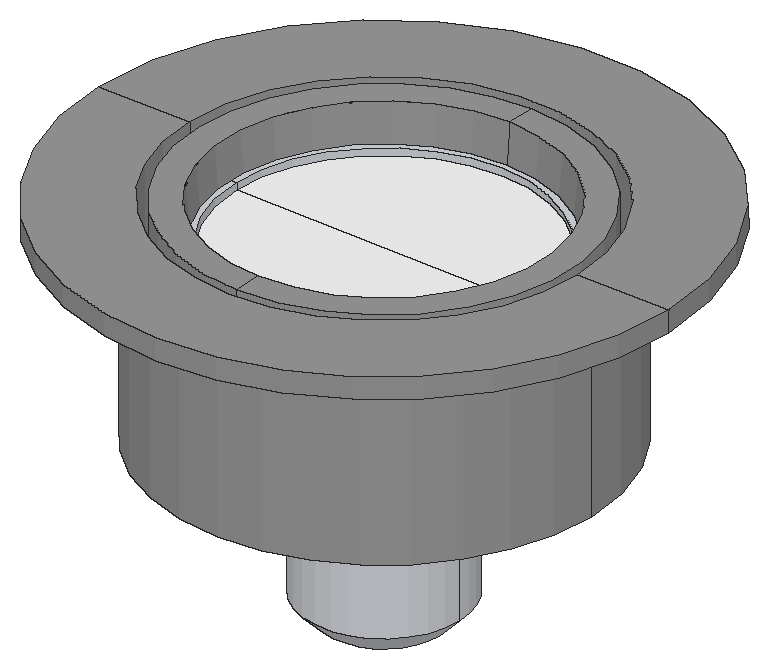
Revit family "0005725", category Lighting Fixtures, host Face, Revit 2017
Family settings
  Host = Face
  Round Connector Dimension = Use Diameter
  Part Type = Normal
  OmniClass Number = 23.80.70.00
  OmniClass Title = Lighting
  Cut with Voids When Loaded = No
  Light Source = No
  Shared = No
  Room Calculation Point = No
Parameters (values of type "0005725 Sylspot Kit R 345LM 830 ADJ IP20 WH")
  Weight = "4.32 kg"
  Wattage Comments = ""
  WarrantyStartDate [instance] = "n/a"
  WarrantyGuarantorParts = "n/a"
  WarrantyDurationUnit = "n/a"
  WarrantyDurationParts = "n/a"
  WarrantyDescription = "n/a"
  Voltage = 230 V
  URL = "http://www.sylvania-lighting.com"
  TypeName = "Sylspot Kit R 345lm 830 Adj IP20 WHT"
  TypeLamp_SYL = SylSpot GU10 : 0005725 Sylspot Kit R 345LM 830 ADJ IP20 WH
  Type Image = <None>
  Type Comments = "n/a"
  TrimHeight_SYL = 3 mm
  TiltAngle_SYL [instance] = 0.00°
  SerialNumber [instance] = "n/a"
  Radius_SYL = 42.5 mm
  RadiusInner2_SYL = 29 mm
  RadiusHousingUpper_SYL = 34.1 mm
  RadiusCutOut_SYL = 35 mm
  Material_3_SYL = none
  PowerFactor = 0
  PowerConsumption = "4.5 W"
  NominalLength = 90 mm
  NominalHeight = 85 mm
  NominalDepth = 90 mm
  Name = "Sylspot Kit R 345lm 830 Adj IP20 WHT"
  ModelReference = Name  # "Sylspot Kit R 345lm 830 Adj IP20 WHT"
  ModelNumber = "0005725"
  Model = Name  # "Sylspot Kit R 345lm 830 Adj IP20 WHT"
  Material = "pc polycarbonate housing"
  ManufacturerName = "Feilo Sylvania"
  Manufacturer = "Feilo Sylvania"
  LuminousEfficacy = "77 lm/W"
  LuminaireType = ""
  LightOutputRatio = "n/a"
  LampsType = Lamp  # "LED"
  LampNominalLuminous = "345 lm"
  LampMacAdamStep = "6"
  LampColourTemperature = "3000 K"
  LampColourRenderingIndex = "80"
  Lamp = "LED"
  Keynote = "16500"
  InstallationDate [instance] = "n/a"
  InputVoltage = "220-240 V AC"
  InputNominalFrequency = "50/60 Hz"
  IngressProtection = "IP20"
  ImpactProtectionIndex = "IK02"
  IfcExportType = "IfcLightFixtureType"
  IfcExportAs = "IfcLightFixtureType"
  HeightHousing_SYL = 31.6 mm
  EndAngle_SYL [instance] = TiltAngle_SYL + 180.00°  # 180.00°
  ElectricShockClassification = "Class II"
  DocumentationLiterature = "http://www.sylvania-lighting.com/product/en-int/products/0005725"
  DimmingControlOptions = "n/a"
  Material_2_SYL = LED
  Description = "Recessed spotlight Kit with RefLED GU10 LED spotlight lamp Ø50mm. Polycarbonate body, round bezel ring in white color finish, vertical tilt 25°, IP20 degree of protection, class II. Lumen output 345lm, CCT 3000K, beam angle 36°, power 4,5W, efficacy 77 lm/W, lifetime 15.000h. Outer dimensions: Ø80x90mm, cut-out Ø68-76mm. Suitable for internal environment only and for LED lamps only."
  Default Elevation = 1219.2 mm
  CreatedOn = "11/14/2019"
  CreatedBy = "@sylvania-lighting.com"
  Cost = 0
  built-in parameter 1114216 [instance] = (empty or 0)
  ClassificationValue = "EF_70_80"
  ClassificationName = "Uniclass2015"
  Material_1_SYL = PC/ABS Plastic
  BarCode [instance] = "n/a"
  AxisFromBottom_SYL = 6.7 mm
  AssetType = "Fixed"
  AssetIdentifier [instance] = "n/a"
  Assembly Code = "D5020200"
  Apparent Load = 4.5 VA
  Material_4_SYL = none
Reference planes
  plane 1 "Center (Front/Back)": y = 0
  plane 2: z = 0
  plane 3 "Center (Left/Right)": x = 0
  plane 4: x = -35
  plane 5: z = -100
  plane 6: x = -42.5
  plane 7: z = 3
  plane 8: z = -28.6
  plane 9: x = -29
  plane 10: z = -0.4
  plane 11: x = -31
  plane 12: z = -3.7
Forms (mm)
  Revolve 1, void
    sketch origin (0, 0, 0) x (1, 0, 0) y (0, 0, 1)
      loop
        line (0, 0) -> (-35, 0) -> (-35, -100) -> (0, -100) -> (0, 0)
      axis (0, 0) -> (0, -100)
    angle from 360 to 0
  Revolve 2, solid, material "PC/ABS Plastic" <- "Material_1_SYL"
    sketch origin (0, 0, 0) x (1, 0, 0) y (0, 0, 1)
      loop
        line (-29, -28.6) -> (-29, 3) -> (-42.5, 3) -> (-42.5, 0) -> (-31, 0) -> (-31, -28.6) -> (-29, -28.6)
      axis (0, 3) -> (0, -28.6)
    angle from 360 to 0
  Revolve 3, solid, not visible
    sketch origin (200, -4572, -3.7) x (0, -1, 0) y (1, 0, 0)
      loop
        line (-4572, -200) -> (-4582, -200) -> (-4582, -205) -> (-4572, -205) -> (-4572, -200)
      axis (-4582, -200) -> (-4572, -200)
    angle from 0 <- "TiltAngle_SYL" to 180 <- "EndAngle_SYL"
Dimensions and locks
  "RadiusCutOut_SYL": plane 3 "Center (Left/Right)" to plane 4
  locked: plane 2 to plane 5 at 100
  "TrimHeight_SYL": plane 7 to plane 2
  "Radius_SYL": plane 3 "Center (Left/Right)" to plane 6
  "HeightHousing_SYL": plane 7 to plane 8
  "RadiusInner2_SYL": plane 3 "Center (Left/Right)" to plane 9
  "AxisFromBottom_SYL": plane 7 to plane 12
  locked: plane 9 to plane 11 at 2
  aligned and locked: plane 2 to host face
  aligned and locked: level to host face
  aligned and locked: Revolve 1 sketch curve to plane 3 "Center (Left/Right)"
  aligned and locked: host face to Revolve 1 sketch curve
  aligned and locked: plane 3 "Center (Left/Right)" to Revolve 1 sketch curve
  aligned and locked: Revolve 1 sketch curve to plane 5
  aligned and locked: Revolve 1 sketch curve to plane 4
  aligned and locked: Revolve 2 sketch curve to plane 3 "Center (Left/Right)"
  aligned and locked: plane 9 to Revolve 2 sketch curve
  aligned and locked: plane 7 to Revolve 2 sketch curve
  aligned and locked: Revolve 2 sketch curve to plane 6
  aligned and locked: Revolve 2 sketch curve to level
  aligned and locked: Revolve 3 sketch curve to plane 3 "Center (Left/Right)"
  aligned and locked: Revolve 3 sketch curve to plane 1 "Center (Front/Back)"
  aligned and locked: Revolve 3 sketch curve to Revolve 3 sketch curve
  aligned and locked: Revolve 2 sketch curve to plane 7
  aligned and locked: Revolve 2 sketch curve to plane 8
  aligned and locked: plane 11 to Revolve 2 sketch curve
  aligned and locked: plane 1 "Center (Front/Back)" to nested 1
Automatic sketch dimensions
  host sketch curve to host sketch curve = 100 mm  (x2)
  Revolve 1 sketch curve to plane 5 = 509.6 mm
  Revolve 1 sketch curve to plane 7 = 2606.058 mm
  Revolve 3 sketch curve to Revolve 3 sketch curve = 10 mm
  Revolve 3 sketch curve to Revolve 3 sketch curve = 5 mm
  Revolve 3 sketch curve to Revolve 3 sketch curve = 1514 mm
  plane 1 "Center (Front/Back)" to Revolve 3 sketch curve = 1524 mm
  Revolve 2 sketch curve to plane 5 = 509.6 mm
  Revolve 2 sketch curve to plane 7 = 2606.058 mm
Nested families
  nested 1: "SylSpot Ring" at (0, 0, -3.7) x (0, -1, 0) z (0, 0, 1), type "Type Name"
  nested 2: "SylSpot GU10" at (0, 0, -2.6) x (1, 0, 0) z (0, 0, -1), type <- "TypeLamp_SYL", type "0005725 Sylspot Kit R 345LM 830 ADJ IP20 WH"
    with WarrantyStartDate "n/a", SerialNumber "n/a", InstallationDate "n/a", built-in parameter 1114216 (empty or 0), BarCode "n/a", AssetIdentifier "n/a"
Definition of nested family "SylSpot Ring"
  Parameters (values of type "Type Name")
    URL = "http://www.sylvania-lighting.com"
    Type Image = (empty or 0)
    Type Comments = "n/a"
    Material_3_SYL = none
    Model = ""
    Manufacturer = "Feilo Sylvania"
    Keynote = ""
    Material_2_SYL = none
    Description = ""
    Default Elevation = 1219.2 mm
    Cost = 0
    Material_1_SYL = none
    Assembly Code = ""
    Material_4_SYL = none
  Reference planes
    plane 1 "Center (Front/Back)": y = 0
    plane 2: z = 0
    plane 3 "Center (Left/Right)": x = 0
    plane 4: x = 27.5
    plane 5: x = 23.5
    plane 6: x = 23
    plane 7: z = 6.6
    plane 8: z = -7.9
    plane 9: z = 1.1
    plane 10: x = 24.6
  Forms (mm)
    Extrusion 1, solid
      sketch origin (1119.2, -1119.2, 0) x (1, 0, 0) y (0, 1, 0)
        loop
          line (-1179.2, 1180.988) -> (-1179.2, 1060.988) -> (-1059.2, 1060.988) -> (-1059.2, 1180.988) -> (-1179.2, 1180.988)
      from 0 to -68.017
    Revolve 2, solid, material <- "Material_1_SYL"
      sketch origin (0, 0, 0) x (1, 0, 0) y (0, 0, 1)
        loop
          line (27.5, 6.6) -> (23.409, 6.6) -> (22.909, 1.1) -> (24.6, 1.1) -> (24.6, -7.9) -> (27.5, -7.9) -> (27.5, 6.6)
        axis (0, 6.6) -> (0, -7.9)
      angle from 360 to 0
  Dimensions and locks
    plane 4 to plane 5 to plane 6 to plane 3 "Center (Left/Right)" = 4 mm locked, 0.5 mm locked, 23 mm locked
    locked: plane 7 to plane 8 at 14.5
    locked: plane 7 to plane 2 at 6.6
    locked: plane 7 to plane 9 at 5.5
    locked: plane 10 to plane 3 "Center (Left/Right)" at 24.6
    aligned and locked: plane 2 to Extrusion 1
    aligned and locked: level to Extrusion 1
    aligned and locked: Revolve 2 sketch curve to plane 3 "Center (Left/Right)"
    aligned and locked: plane 7 to Revolve 2 sketch curve  (x3)
    aligned and locked: Revolve 2 sketch curve to plane 4
    aligned and locked: Revolve 2 sketch curve to plane 8
    aligned and locked: plane 10 to Revolve 2 sketch curve
    aligned and locked: plane 9 to Revolve 2 sketch curve
    aligned and locked: Revolve 2 sketch curve to plane 10
Definition of nested family "SylSpot GU10"
  Parameters (values of type "0005729 Sylspot Kit R 345LM 840 ADJ IP20 CH")
    Weight = "4.32 kg"
    Wattage Comments = ""
    Wattage = 4.5 W
    WarrantyStartDate [instance] = "n/a"
    WarrantyGuarantorParts = "n/a"
    WarrantyDurationUnit = "n/a"
    WarrantyDurationParts = "n/a"
    WarrantyDescription = "n/a"
    built-in parameter 1150110 = 1 (stored number, unit not read)
    Voltage = 230 V
    URL = "http://www.sylvania-lighting.com"
    TypeName = "Sylspot Kit R 345lm 840 Adj IP20 CHR"
    Type Image = (empty or 0)
    Type Comments = "n/a"
    built-in parameter 1114217 = 1 (stored number, unit not read)
    Tilt Angle = -90.00°
    built-in parameter 1150109 = 1 (stored number, unit not read)
    built-in parameter 1150134 = 12
    built-in parameter 1150113 = 1 (stored number, unit not read)
    SerialNumber [instance] = "n/a"
    RadiusLuminousArea_SYL = 22 mm
    Photometric Web File = "0005729.ies"
    Material_3_SYL = none
    PowerFactor = 0
    PowerConsumption = "4.5 W"
    NominalLength = 90 mm
    NominalHeight = 85 mm
    NominalDepth = 90 mm
    Name = "Sylspot Kit R 345lm 840 Adj IP20 CHR"
    ModelReference = Name  # "Sylspot Kit R 345lm 840 Adj IP20 CHR"
    ModelNumber = "0005729"
    Model = Name  # "Sylspot Kit R 345lm 840 Adj IP20 CHR"
    Material = "pc polycarbonate housing"
    ManufacturerName = "Feilo Sylvania"
    Manufacturer = "Feilo Sylvania"
    LuminousEfficacy = "77 lm/W"
    built-in parameter 1150105 = 593.59 (stored number, unit not read)
    Lumens = 346.5 lm
    LuminaireType = ""
    built-in parameter 1150115 = 1 (stored number, unit not read)
    LightOutputRatio = "n/a"
    built-in parameter 1150137 = (empty or 0)
    built-in parameter 1150139 = (empty or 0)
    LampsType = Lamp  # "LED"
    LampNominalLuminous = "345 lm"
    LampMacAdamStep = "6"
    LampColourTemperature = "4000 K"
    LampColourRenderingIndex = "80"
    built-in parameter 1150112 = 1 (stored number, unit not read)
    built-in parameter 1150114 = 1 (stored number, unit not read)
    Lamp = "LED"
    Keynote = "16500"
    InstallationDate [instance] = "n/a"
    InputVoltage = "n/a"
    InputNominalFrequency = "n/a"
    built-in parameter 1150132 = (empty or 0)
    built-in parameter 1150102 = (empty or 0)
    built-in parameter 1150107 = 4000 (stored number, unit not read)
    built-in parameter 1150138 = (empty or 0)
    IngressProtection = "IP20"
    ImpactProtectionIndex = "IK02"
    built-in parameter 1150106 = 5.9359 (stored number, unit not read)
    IfcExportType = "IfcLightFixtureType"
    IfcExportAs = "IfcLightFixtureType"
    Emit from Circle Diameter = RadiusLuminousArea_SYL * 2  # 44 mm
    Emit Shape Visible in Rendering = no
    ElectricShockClassification = "Class II"
    built-in parameter 1150104 = 7.1535 (stored number, unit not read)
    DocumentationLiterature = "http://www.sylvania-lighting.com/product/en-int/products/0005729"
    DimmingControlOptions = "n/a"
    Material_2_SYL = none
    Dimming Lamp Color Temperature Shift = (empty or 0)
    Description = "Recessed spotlight Kit with RefLED GU10 LED spotlight lamp Ø50mm. Polycarbonate body, round bezel ring in chrome finish, vertical tilt 25°, IP20 degree of protection, class II. Lumen output 345lm, CCT 4000K, beam angle 36°, power 4,5W, efficacy 77 lm/W, lifetime 15.000h. Outer dimensions: Ø80x90mm, cut-out Ø68-76mm. Suitable for internal environment only and for LED lamps only."
    Default Elevation = 1219.2 mm
    CreatedOn = "11/14/2019"
    CreatedBy = "@sylvania-lighting.com"
    Cost = 0
    Color Filter = 16777215
    built-in parameter 1114216 [instance] = (empty or 0)
    ClassificationValue = "EF_70_80"
    ClassificationName = "Uniclass2015"
    Material_1_SYL = none
    BarCode [instance] = "n/a"
    built-in parameter 1114218 = 1 (stored number, unit not read)
    built-in parameter 1150133 = 10 (stored number, unit not read)
    AssetType = "Fixed"
    AssetIdentifier [instance] = "n/a"
    Assembly Code = "D5020200"
    Apparent Load = 4.5 VA
    Material_4_SYL = none
  Types (4, lengths in mm): name | TypeName | built-in parameter 1150134 | Photometric Web File | Name | ModelReference | ModelNumber | Model | LampColourTemperature | built-in parameter 1150107 | DocumentationLiterature | Description
    0005729 Sylspot Kit R 345LM 840 ADJ IP20 CH | "Sylspot Kit R 345lm 840 Adj IP20 CHR" | 12 | "0005729.ies" | "Sylspot Kit R 345lm 840 Adj IP20 CHR" | "Sylspot Kit R 345lm 840 Adj IP20 CHR" | "0005729" | "Sylspot Kit R 345lm 840 Adj IP20 CHR" | "4000 K" | 4000 (stored number, unit not read) | "http://www.sylvania-lighting.com/product/en-int/products/0005729" | "Recessed spotlight Kit with RefLED GU10 LED spotlight lamp Ø50mm. Polycarbonate body, round bezel ring in chrome finish, vertical tilt 25°, IP20 degree of protection, class II. Lumen output 345lm, CCT 4000K, beam angle 36°, power 4,5W, efficacy 77 lm/W, lifetime 15.000h. Outer dimensions: Ø80x90mm, cut-out Ø68-76mm. Suitable for internal environment only and for LED lamps only."
    0005728 Sylspot Kit R 345LM 830 ADJ IP20 CH | "Sylspot Kit R 345lm 830 Adj IP20 CHR" | (empty or 0) | "0005728.ies" | "Sylspot Kit R 345lm 830 Adj IP20 CHR" | "Sylspot Kit R 345lm 830 Adj IP20 CHR" | "0005728" | "Sylspot Kit R 345lm 830 Adj IP20 CHR" | "3000 K" | 3000 (stored number, unit not read) | "http://www.sylvania-lighting.com/product/en-int/products/0005728" | "Recessed spotlight Kit with RefLED GU10 LED spotlight lamp Ø50mm. Polycarbonate body, round bezel ring in chrome finish, vertical tilt 25°, IP20 degree of protection, class II. Lumen output 345lm, CCT 3000K, beam angle 36°, power 4,5W, efficacy 77 lm/W, lifetime 15.000h. Outer dimensions: Ø80x90mm, cut-out Ø68-76mm. Suitable for internal environment only and for LED lamps only."
    0005726 Sylspot Kit R 345LM 840 ADJ IP20 WH | "Sylspot Kit R 345lm 840 Adj IP20 WHT" | 12 | "0005726.ies" | "Sylspot Kit R 345lm 840 Adj IP20 WHT" | "Sylspot Kit R 345lm 840 Adj IP20 WHT" | "0005726" | "Sylspot Kit R 345lm 840 Adj IP20 WHT" | "4000 K" | 4000 (stored number, unit not read) | "http://www.sylvania-lighting.com/product/en-int/products/0005726" | "Recessed spotlight Kit with RefLED GU10 LED spotlight lamp Ø50mm. Polycarbonate body, round bezel ring in white color finish, vertical tilt 25°, IP20 degree of protection, class II. Lumen output 345lm, CCT 4000K, beam angle 36°, power 4,5W, efficacy 77 lm/W, lifetime 15.000h. Outer dimensions: Ø80x90mm, cut-out Ø68-76mm. Suitable for internal environment only and for LED lamps only."
    0005725 Sylspot Kit R 345LM 830 ADJ IP20 WH | "Sylspot Kit R 345lm 830 Adj IP20 WHT" | (empty or 0) | "0005725.ies" | "Sylspot Kit R 345lm 830 Adj IP20 WHT" | "Sylspot Kit R 345lm 830 Adj IP20 WHT" | "0005725" | "Sylspot Kit R 345lm 830 Adj IP20 WHT" | "3000 K" | 3000 (stored number, unit not read) | "http://www.sylvania-lighting.com/product/en-int/products/0005725" | "Recessed spotlight Kit with RefLED GU10 LED spotlight lamp Ø50mm. Polycarbonate body, round bezel ring in white color finish, vertical tilt 25°, IP20 degree of protection, class II. Lumen output 345lm, CCT 3000K, beam angle 36°, power 4,5W, efficacy 77 lm/W, lifetime 15.000h. Outer dimensions: Ø80x90mm, cut-out Ø68-76mm. Suitable for internal environment only and for LED lamps only."
  Reference planes
    plane 1 "Center (Front/Back)": y = 0
    plane 2: z = 0
    plane 3 "Center (Left/Right)": x = 0
    plane 4: x = -25
    plane 5: x = -23.3
    plane 6: x = -8.5
    plane 7: x = -11.3
    plane 8: z = 2.4
    plane 9: z = 26.5
    plane 10: z = 46.9
    plane 11: z = 49.9
    plane 12: x = -22
    plane 13: z = 1
  Forms (mm)
    Extrusion 1, solid
      sketch origin (1209.2, -1209.2, 0) x (1, 0, 0) y (0, 1, 0)
        loop
          line (-1219.2, 1219.2) -> (-1219.2, 1199.2) -> (-1199.2, 1199.2) -> (-1199.2, 1219.2) -> (-1219.2, 1219.2)
      from 0 to -10
    Revolve 2, solid, material <- "Material_1_SYL"
      sketch origin (0, 0, 0) x (1, 0, 0) y (0, 0, 1)
        loop
          line (-25, 0) -> (-22, 0) -> (-22, 1) -> (0, 1) -> (0, 49.9) -> (-8.3, 49.9) -> (-11.3, 46.9) -> (-11.3, 26.5)
          arc (-11.3, 26.5) -> (-19.145, 15.368) -> (-23.3, 2.4) r 45
          line (-23.3, 2.4) -> (-25, 2.4) -> (-25, 0)
        axis (0, 49.9) -> (0, 0)
      angle from 360 to 0
  Dimensions and locks
    "RadiusLuminousArea_SYL": plane 3 "Center (Left/Right)" to plane 12
    plane 3 "Center (Left/Right)" to plane 6 to plane 7 to plane 12 to plane 5 to plane 4 = 8.5 mm, 2.8 mm, 10.7 mm, 1.3 mm, 1.7 mm
    plane 10 to plane 9 to plane 8 to plane 2 = 20.4 mm locked, 24.1 mm locked, 2.4 mm locked
    locked: plane 11 to plane 10 at 3
    locked: plane 13 to plane 2 at 1
    aligned and locked: plane 2 to Extrusion 1
    aligned and locked: level to Extrusion 1
    aligned and locked: Revolve 2 sketch curve to plane 3 "Center (Left/Right)"
    aligned and locked: Revolve 2 sketch curve to level
    aligned and locked: plane 13 to Revolve 2 sketch curve
    aligned and locked: plane 12 to Revolve 2 sketch curve
    aligned and locked: imposter light to plane 3 "Center (Left/Right)"
    aligned and locked: imposter light to plane 2
    aligned and locked: imposter light to plane 1 "Center (Front/Back)"
  Automatic sketch dimensions
    Extrusion 1 sketch curve to Extrusion 1 sketch curve = 20 mm  (x2)
    Revolve 2 sketch curve to plane 4 = 0 mm
    Revolve 2 sketch curve to plane 5 = 0 mm
    Revolve 2 sketch curve to plane 7 = 0 mm
    Revolve 2 sketch curve to plane 11 = 0 mm
    Revolve 2 sketch curve to plane 3 "Center (Left/Right)" = 0 mm
    Revolve 2 sketch curve to plane 8 = 0 mm
    Revolve 2 sketch curve to plane 9 = 0 mm
    Revolve 2 sketch curve to plane 10 = 0 mm
    plane 6 to Revolve 2 sketch curve = 0.2 mm
    Revolve 2 sketch curve to level = 4.689 mm
    Revolve 2 sketch curve to Revolve 2 sketch curve = 604.911 mm
    Revolve 2 sketch curve to Revolve 2 sketch curve = 2559.158 mm
  Connectors
    electrical at (0, 0, 49.9), driven by "Voltage", driven by "Apparent Load", driven by "PowerFactor"
      settings: on Revolve 2, index 1, voltage 230 V, apparent load 4.5 VA, apparent load phase1 0 VA, apparent load phase2 0 VA, apparent load phase3 0 VA, power factor 0, load classification none, number of poles 1, system type 30, power factor state 1, is connector primary yes, connector utility no, sub classification motor no, connector description ""
